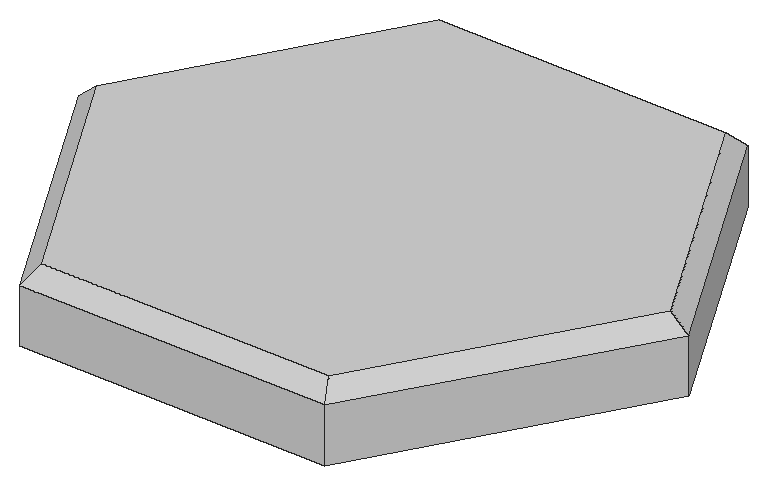
Revit family "SMALL (12) HEXAGON", category Specialty Equipment, Revit 2023
Family settings
  Round Connector Dimension = Use Diameter
  Part Type = Normal
  OmniClass Number = 23.35.00.00
  OmniClass Title = Covering, Cladding, and Finishes
  Work Plane-Based = Yes
  Enable Cutting in Views = Yes
  Always vertical = No
  Cut with Voids When Loaded = No
  Maintain Annotation Orientation = No
  Shared = No
  Room Calculation Point = No
Parameters (values of type "1-3/8 inch thick Primed White")
  URL = "https://www.acousticalsurfaces.com/envirocoustic-wood-wool/shapes/"
  Type Comments = "Acoustic Panels"
  Thickness = 0' - 1 3/8"
  Recycled Content Percentage = "0%"
  Model = "Envirocoustic Wood Wool"
  Material = "Envirocoustic Wood Wool"
  Manufacturer = "Acoustical Surfaces, Inc."
  Fire Rating = "ASTM E84 - Class A"
  Finish = Paint - Acoustical-Surfaces - Primed White
  Description = "Acoustic Panels"
  Default Elevation = 0' - 0"
  Assembly Code = "C30"
  Acoustics - NRC = "Sound absorption varies from NRC 0.45 to 0.95 based on installation method used when tested per ASTM C423."
Types (9): name | Thickness | Finish
  1-3/8 inch thick Primed White | 0' - 1 3/8" | Paint - Acoustical-Surfaces - Primed White
  1-3/8 inch thick Primed Clear | 0' - 1 3/8" | Paint - Acoustical-Surfaces - Primed Clear
  1-3/8 inch thick Custom Painted | 0' - 1 3/8" | Paint - Acoustical-Surfaces - Custom Painted
  2 inch thick Primed White | 0' - 2" | Paint - Acoustical-Surfaces - Primed White
  2 inch thick Primed Clear | 0' - 2" | Paint - Acoustical-Surfaces - Primed Clear
  2 inch thick Custom Painted | 0' - 2" | Paint - Acoustical-Surfaces - Custom Painted
  1 inch thick Primed White | 0' - 1" | Paint - Acoustical-Surfaces - Primed White
  1 inch thick Primed Clear | 0' - 1" | Paint - Acoustical-Surfaces - Primed Clear
  1 inch thick Custom Painted | 0' - 1" | Paint - Acoustical-Surfaces - Custom Painted
Reference planes (in)
  plane 1 "Center (Front/Back)": y = 0
  plane 2: z = 0
  plane 3 "Center (Left/Right)": x = 0
  plane 4: z = 1.375
  plane 5: z = -1
  plane 6: x = -6
  plane 7: x = 6
  plane 8: y = 5.19615
  plane 9: y = -5.19615
Forms (in)
  Extrusion 1, solid, material "Paint - Acoustical-Surfaces - Primed White" <- "Finish"
    sketch origin (-2.75421, -1.46603, 0) x (1, 0, 0) y (0, 1, 0)
      loop
        line (8.75421, 1.46603) -> (5.75421, 6.66219) -> (-0.24579, 6.66219) -> (-3.24579, 1.46603) -> (-0.24579, -3.73012) -> (5.75421, -3.73012) -> (8.75421, 1.46603)
    from 0 to 1.375
  Sweep 2, void
    path origin (-2.75421, -1.46603, 1.375) x (1, 0, 0) y (0, 1, 0)
      loop
        line (-0.24579, 6.66219) -> (-3.24579, 1.46603) -> (-0.24579, -3.73012) -> (5.75421, -3.73012) -> (8.75421, 1.46603) -> (5.75421, 6.66219) -> (-0.24579, 6.66219)
    profile "Triangle : Family2" origin (-4.5, 2.59808, 1.375) x (0.866025, -0.5, 0) y (0, 0, 1)
      loop
        line (0, 0) -> (0, -0.315) -> (0.315, 0) -> (0, 0)
Cuts and joins
  Sweep 2 cuts Extrusion 1
Dimensions and locks (in)
  "Thickness": plane 4 to level
  level to plane 5 = 0' - 1"
  aligned and locked: level to plane 2
  aligned and locked: Extrusion 1 to plane 4
Automatic sketch dimensions
  plane 1 "Center (Front/Back)" to Extrusion 1 sketch curve = 0' - 0"  (x2)
  Extrusion 1 sketch curve to plane 3 "Center (Left/Right)" = 0' - 3"  (x2)
  Extrusion 1 sketch curve to Extrusion 1 sketch curve = 0' - 3"  (x2)
  plane 3 "Center (Left/Right)" to Extrusion 1 sketch curve = 0' - 3"  (x2)
  plane 1 "Center (Front/Back)" to Extrusion 1 sketch curve = 0' - 5.19615"
  Extrusion 1 sketch curve to plane 1 "Center (Front/Back)" = 0' - 5.19615"
  Sweep 2 sketch curve to Extrusion 1 = 0' - 0"  (x7)
  Extrusion 1 to Sweep 2 sketch curve = 0' - 0"  (x3)
